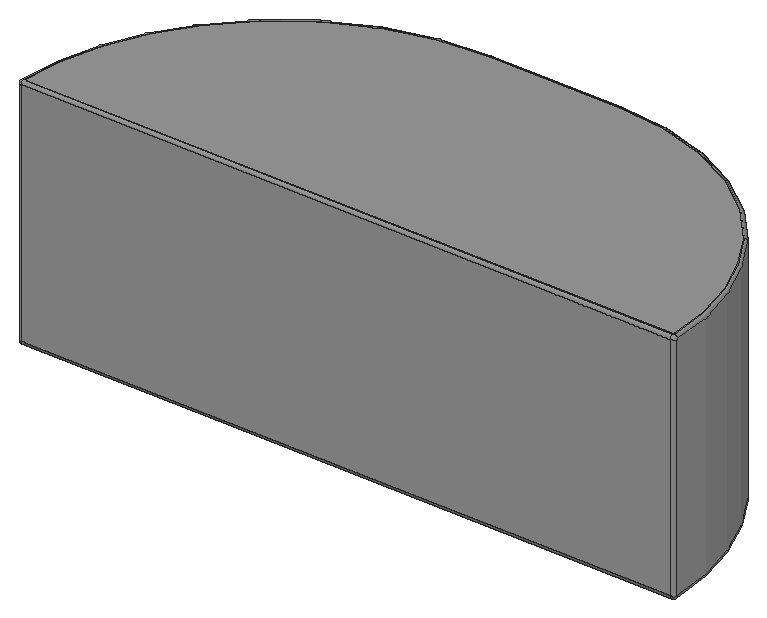
Revit family "TS1040 Elevate Wind Crescent Bench", category Generic Models, Revit 2018
Family settings
  Can host rebar = No
  Round Connector Dimension = Use Diameter
  Part Type = Normal
  Work Plane-Based = No
  Always vertical = Yes
  Cut with Voids When Loaded = No
  Shared = No
  Room Calculation Point = No
Parameters
  Seat Fabric = TS1040 Elevate Wind Crescent Bench Fabric
Reference planes (in)
  plane 1 "Center (Front/Back)": y = 0
  plane 2: z = 0
  plane 3 "Center (Left/Right)": x = 0
Forms (in)
  Extrusion 1, solid, material "TS1040 Elevate Wind Crescent Bench Fabric" <- "Seat Fabric"
    sketch origin (-0.00046, 0, 0) x (1, 0, 0) y (0, 1, 0)
      loop
        line (-24.72858, 0.25) -> (24.72949, 0.25)
        arc (24.72949, 0.25) -> (24.74342, 0.25583) -> (24.74904, 0.26985) r 0.01955
        arc (24.74904, 0.26985) -> (23.66781, 6.42713) -> (20.72308, 11.94164) r 19.82562
        arc (20.72308, 11.94164) -> (13.77788, 17.69129) -> (5, 19.7512) r 19.7325
        line (5, 19.7512) -> (-4.99909, 19.7512)
        arc (-4.99909, 19.7512) -> (-13.77764, 17.69096) -> (-20.72308, 11.94043) r 19.7325
        arc (-20.72308, 11.94043) -> (-23.66714, 6.42642) -> (-24.74812, 0.26985) r 19.82562
        arc (-24.74812, 0.26985) -> (-24.7425, 0.25583) -> (-24.72858, 0.25) r 0.01955
    from 0 to 18
  Sweep 2, solid, material "TS1040 Elevate Wind Crescent Bench Fabric" <- "Seat Fabric"
    path origin (0, 0, 0) x (1, 0, 0) y (0, 1, 0)
      loop
        line (-24.72903, 0.25) -> (24.72903, 0.25)
        arc (24.72903, 0.25) -> (24.74296, 0.25583) -> (24.74858, 0.26985) r 0.01955
        arc (24.74858, 0.26985) -> (23.66735, 6.42713) -> (20.72262, 11.94164) r 19.82562
        arc (20.72262, 11.94164) -> (13.77742, 17.69129) -> (4.99954, 19.7512) r 19.7325
        line (4.99954, 19.7512) -> (-4.99955, 19.7512)
        arc (-4.99955, 19.7512) -> (-13.7781, 17.69096) -> (-20.72354, 11.94043) r 19.7325
        arc (-20.72354, 11.94043) -> (-23.6676, 6.42642) -> (-24.74858, 0.26985) r 19.82562
        arc (-24.74858, 0.26985) -> (-24.74296, 0.25583) -> (-24.72903, 0.25) r 0.01955
    profile origin (0, 0.25, 0) x (0, 1, 0) y (0, 0, 1)
      loop
        arc (-0.25, 0.25) -> (-0.17678, 0.07322) -> (0, 0) r 0.25
        line (0, 0) -> (0, 18)
        arc (0, 18) -> (-0.17678, 17.92678) -> (-0.25, 17.75) r 0.25
        line (-0.25, 17.75) -> (-0.25, 0.25)
Dimensions and locks (in)
  aligned and locked: plane 2 to level
